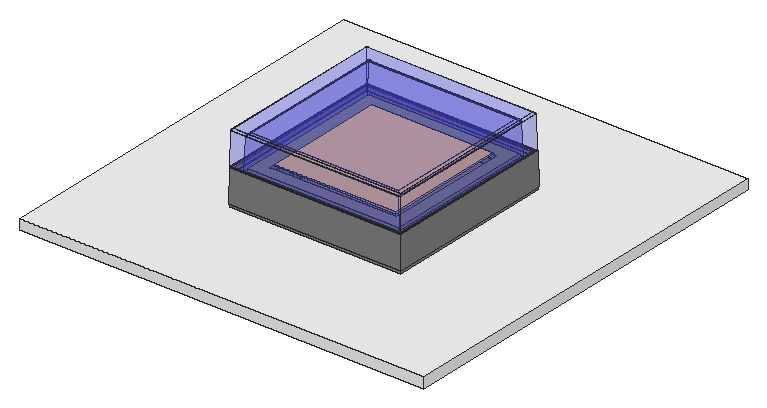
Revit family "BE_33601_de_DE", category Leuchten, Revit 2015
Parameters (values of type "BEGA_33601_Grafit_K3")
  built-in parameter 1150104 = 11.417 (stored number, unit not read)
  Wattage = 8.3 W
  Default Elevation = 0 mm
  built-in parameter 1150113 = 1 (stored number, unit not read)
  built-in parameter 1114218 = 1 (stored number, unit not read)
  Umgebungstemperatur = "25 °C"
  URL = "http://www.bega.de/produkt/33601"
  Typenkommentare = "© 2015 BEGA. Wir behalten uns das Recht vor, technische Änderungen ohne vorherige Ankündigung vorzunehmen."  # constant formula
  Type Image = 33601.png
  built-in parameter 1150134 = (empty or 0)
  built-in parameter 1150109 = 1 (stored number, unit not read)
  Strom = ""
  built-in parameter 1150110 = 1 (stored number, unit not read)
  Spannung = 0 V
  Sonderanfertigung = no
  Seriennummer [instance] = "Hier können Sie die eindeutige Seriennummer für das Facility Management eintragen."
  Schutzklasse = "I"
  Schutzart = "IP 65"
  Scheinlast = 0 VA
  Produktdatenblatt = "http://www.bega.de/download/datenblaetter/de/33601.pdf"
  Neigungswinkel = 0.00°
  Modell = "33601"
  Material_19 = BEGA_Dummy_matt
  Material_15 = BEGA_Leuchtmedium_matt
  Material_11 = BEGA_Glas_opal
  Material_02 = BEGA_Oberfläche_Silber_matt
  Material_01 [instance] = BEGA_Oberfläche_Grafit_matt
  M_G = yes
  M_A = no
  Logo = 0
  built-in parameter 1114217 = 1 (stored number, unit not read)
  built-in parameter 1150139 = (empty or 0)
  built-in parameter 1150105 = 81.168 (stored number, unit not read)
  built-in parameter 1150114 = 1 (stored number, unit not read)
  Lumens = 1019.99 lm
  built-in parameter 1150115 = 1 (stored number, unit not read)
  Leuchtenlichtstrom = "492 lm"
  Leuchtenanzahl = ""
  Lebensdauerkriterien = "L70 = 50.000 h"
  Lastklassifizierung = Beleuchtung
  built-in parameter 1150112 = 1 (stored number, unit not read)
  Lampenlichtstrom = "1020 lm"
  Lampe = "LED 8.3 W"
  LED_Modulbezeichnung = "LED-0357/830 "
  built-in parameter 1150142 = (empty or 0)
  Hersteller = "BEGA"  # constant formula
  Halbstreuwinkel = ""
  Gewicht = "1.85 kg"
  Frequenz = "0/50-60 Hz"
  Farbwiedergabeindex = "Ra > 80"
  Farbtemperaturverschiebung bei Dämpfen der Lampe = <Keine Auswahl>
  Farbtemperatur = "3000 K"
  Color Filter = 16777215
  built-in parameter 1150133 = 10 (stored number, unit not read)
  Energieeffizienzklasse = "LED A++ - A"
  built-in parameter 1150137 = (empty or 0)
  built-in parameter 1150132 = (empty or 0)
  Datei für fotometrisches Netz = "BE_33601.IES"
  CE_Konformität = "ja"
  Bestellnummer = "33601"
  Beschreibung_Sonderanfertigung = "Hier können Sie Informationen zur Sonderanfertigung eintragen."
  Beschreibung = "Wandleuchte"
  built-in parameter 1150106 = 0.81168 (stored number, unit not read)
  Befestigungsbohrung = "Ø 6 mm"
  Befestigungsabstand = "140 mm"
  BEGA_Intern_aus = yes
  BEGA_Intern_an = yes
  BEGA_Intern_Konstruktion = yes
  BEGA_Intern = yes
  BEGA_IES = yes
  BEGA_Dummy = no
  Anschlussleistung [instance] = "10.4 W"
  Anschlusskasten = ""
  built-in parameter 1150107 = 3000 (stored number, unit not read)
  built-in parameter 1150102 = (empty or 0)
  built-in parameter 1150138 = (empty or 0)
  Aktualisierung = "2015-10-27T04:08:49"
  AC/DC = "AC/DC"
Types (5, lengths in mm): name | built-in parameter 1150104 | built-in parameter 1150134 | Modell | M_G | M_A | built-in parameter 1150105 | Lumens | Lampenlichtstrom | LED_Modulbezeichnung | Farbtemperatur | Datei für fotometrisches Netz | Bestellnummer | built-in parameter 1150106 | built-in parameter 1150107
  (no name) | 11.417 (stored number, unit not read) | (empty or 0) | "33601" | yes | no | 81.168 (stored number, unit not read) | 1019.99 lm | "1020 lm" | "LED-0357/830 " | "3000 K" | "BE_33601.IES" | "33601" | 0.81168 (stored number, unit not read) | 3000 (stored number, unit not read)
  BEGA_33601_Silber_K4 | 12.089 (stored number, unit not read) | 12 | "33601AK4" | no | yes | 85.943 (stored number, unit not read) | 1080 lm | "1080 lm" | "LED-0357/840 " | "4000 K" | "BE_33601K4.IES" | "33601AK4" | 0.85943 (stored number, unit not read) | 4000 (stored number, unit not read)
  BEGA_33601_Grafit_K3 | 11.417 (stored number, unit not read) | (empty or 0) | "33601" | yes | no | 81.168 (stored number, unit not read) | 1019.99 lm | "1020 lm" | "LED-0357/830 " | "3000 K" | "BE_33601.IES" | "33601" | 0.81168 (stored number, unit not read) | 3000 (stored number, unit not read)
  BEGA_33601_Silber_K3 | 11.417 (stored number, unit not read) | (empty or 0) | "33601A" | no | yes | 81.168 (stored number, unit not read) | 1019.99 lm | "1020 lm" | "LED-0357/830 " | "3000 K" | "BE_33601.IES" | "33601A" | 0.81168 (stored number, unit not read) | 3000 (stored number, unit not read)
  BEGA_33601_Grafit_K4 | 12.089 (stored number, unit not read) | 12 | "33601K4" | yes | no | 85.943 (stored number, unit not read) | 1080 lm | "1080 lm" | "LED-0357/840 " | "4000 K" | "BE_33601K4.IES" | "33601K4" | 0.85943 (stored number, unit not read) | 4000 (stored number, unit not read)
Reference planes
  plane 1 "Mitte (Vorne/Hinten)": y = 0
  plane 2: z = 0
  plane 3 "Mitte (Links/Rechts)": x = 0
  plane 4 "Links": x = -85
  plane 5 "Rechts": x = 85
  plane 6 "Unten": y = -85
  plane 7 "Oben": y = 84.951
  plane 8 "Vorne": z = 69.341
Forms (mm)
  Extrusion 1, solid, material "BEGA_Platte_Weiss"
    sketch origin (0, -1119.2, 0) x (1, 0, 0) y (0, 1, 0)
      loop
        line (-200, 1319.2) -> (-200, 919.2) -> (200, 919.2) -> (200, 1319.2) -> (-200, 1319.2)
    from 0 to -10
  Extrusion 2, solid, material "BEGA_Dummy_matt", visible <- "BEGA_Dummy"
    sketch origin (80.095, -76.023, 0) x (1, 0, 0) y (0, 1, 0)
      loop
        line (-165.095, 160.974) -> (-165.095, -8.977) -> (4.905, -8.977) -> (4.905, 160.974) -> (-165.095, 160.974)
    from 0 to 69.341
Dimensions and locks
  aligned and locked: Extrusion 1 to plane 2
  aligned and locked: level to Extrusion 1
Nested families
  nested 1: "BE_33601_Wandleuchte" at (0, 0, 0), type "BE_33601_Wandleuchte"
    with Neigungswinkel_um_Y2 0.00°, Neigungswinkel_um_Y1 0.00°, Neigungswinkel_um_X2 0.00°, Neigungswinkel_um_X1 0.00°, Drehwinkel_um_Z2 0.00°, Drehwinkel_um_Z1 0.00°, BEGA_Neigng_Y2 0.00°, BEGA_Neigng_Y1 0.00°, BEGA_Neigng_X2 0.00°, BEGA_Neigng_X1 0.00°, BEGA_Infotext_Winkel no
Connectors
  electrical at (0, 0, 0), driven by "Lastklassifizierung", driven by "Spannung", driven by "Scheinlast"
    settings: index 1, voltage 0 V, apparent load 0 VA, apparent load phase1 0 VA, apparent load phase2 0 VA, apparent load phase3 0 VA, power factor 1, load classification "Beleuchtung", number of poles 1, system type 31, power factor state 1, is connector primary yes, connector utility no, sub classification motor no, connector description ""
Definition of nested family "BE_33601_Wandleuchte"
  Parameters (values of type "BE_33601_Wandleuchte")
    Default Elevation = 1 mm
    URL = "http://www.bega.de/de/produkt"
    Type Comments = "© 2015 BEGA. Wir behalten uns das Recht vor, technische Änderungen ohne vorherige Ankündigung vorzunehmen. "  # constant formula
    Type Image = Bega_Revit_Typenbild_78x78.png
    Neigungswinkel_um_Y2 [instance] = 0.00°
    Neigungswinkel_um_Y1 [instance] = 0.00°
    Neigungswinkel_um_X2 [instance] = 0.00°
    Neigungswinkel_um_X1 [instance] = 0.00°
    Material_19 = none
    Material_15 = none
    Material_11 = none
    Material_02 = none
    Material_01 = none
    M_G = yes
    M_A = yes
    Länge_Platte = 200 mm  # constant formula
    Höhe_Platte = -10 mm  # constant formula
    Manufacturer = "BEGA"  # constant formula
    Drehwinkel_um_Z2 [instance] = 0.00°
    Drehwinkel_um_Z1 [instance] = 0.00°
    Breite_Platte = 200 mm  # constant formula
    BEGA_Neigng_Y2 [instance] = if(Neigungswinkel_um_Y2 < -30.00°, -30.00°, if(Neigungswinkel_um_Y2 > 30.00°, 30.00°, Neigungswinkel_um_Y2))  # 0.00°
    BEGA_Neigng_Y1 [instance] = if(Neigungswinkel_um_X2 < -30.00°, -30.00°, if(Neigungswinkel_um_X2 > 30.00°, 30.00°, Neigungswinkel_um_X2))  # 0.00°
    BEGA_Neigng_X2 [instance] = if(Neigungswinkel_um_Y1 < -30.00°, -30.00°, if(Neigungswinkel_um_Y1 > 30.00°, 30.00°, Neigungswinkel_um_Y1))  # 0.00°
    BEGA_Neigng_X1 [instance] = if(Neigungswinkel_um_X1 < -30.00°, -30.00°, if(Neigungswinkel_um_X1 > 30.00°, 30.00°, Neigungswinkel_um_X1))  # 0.00°
    BEGA_Infotext_Winkel [instance] = if(or(Neigungswinkel_um_X1 < -30.00°, Neigungswinkel_um_X1 > 30.00°, Neigungswinkel_um_X2 < -30.00°, Neigungswinkel_um_X2 > 30.00°, Neigungswinkel_um_Y1 < -30.00°, Neigungswinkel_um_Y1 > 30.00°, Neigungswinkel_um_Y2 < -30.00°, Neigungswinkel_um_Y2 > 30.00°), 1 < 2, 1 > 2)  # no
    Aktualisierung = "Stand: 25.03.2015"  # constant formula
  Reference planes
    plane 1 "Mitte (Oben/Unten)": y = 0
    plane 2: z = 0
    plane 3 "Mitte (Links/Rechts)": x = 0
    plane 4 "Vorne": z = 69.341
    plane 5 "Hinten": z = 0
    plane 6 "Links": x = -85
    plane 7 "Rechts": x = 85
    plane 8 "Unten": y = -84.951
    plane 9: y = 84.951
  Forms (mm)
    Extrusion 1, solid, detail levels medium
      sketch origin (0, 0, 0) x (1, 0, 0) y (0, 1, 0)
        loop
          line (-100, 100) -> (-100, -100) -> (100, -100) -> (100, 100) -> (-100, 100)
      from 0 to -10 <- "Höhe_Platte"
    Sweep 2, solid, material <- "Material_01", visible <- "M_G", detail levels medium+fine
      path origin (0, 0, 0) x (1, 0, 0) y (0, 1, 0)
        loop
          line (85, 84.994) -> (-85, 84.994) -> (-85, -84.951) -> (85, -84.951) -> (85, 84.994)
      profile origin (0, 84.994, 0) x (0, -1, 0) y (0, 0, 1)
        loop
          line (8.291, 11) -> (7.994, 19.505) -> (4.494, 19.498) -> (3.918, 3) -> (0.599, 3) -> (0.494, 0) -> (8.395, 0) -> (8.395, 8) -> (10.191, 8) -> (10.191, 11) -> (8.291, 11)
    Extrusion 3, solid, material <- "Material_01", visible <- "M_G", detail levels medium+fine
      sketch origin (0, 0, 0) x (0, 1, 0) y (0, 0, 1)
        loop
          line (74.803, 11) -> (-74.76, 11) -> (-74.76, 8) -> (74.803, 8) -> (74.803, 11)
      from -74.728 to 74.81
    Sweep 4, solid, material <- "Material_01", visible <- "M_G", detail levels medium+fine
      path origin (0, 0, 0) x (1, 0, 0) y (0, 1, 0)
        loop
          line (85, 84.994) -> (-85, 84.994) -> (-85, -84.951) -> (85, -84.951) -> (85, 84.994)
      profile origin (0, 84.994, 0) x (0, -1, 0) y (0, 0, 1)
        loop
          line (0, 3.2) -> (2, 3.2) -> (2.838, 27.2) -> (5.538, 27.2) -> (5.538, 23.2) -> (11.991, 23.2) -> (12.13, 27.2) -> (21.335, 27.2)
          arc (21.335, 27.2) -> (22.03, 27.48) -> (22.335, 28.164) r 1
          line (22.335, 28.164) -> (22.5, 32.9) -> (10.491, 32.9) -> (10.053, 30.415) -> (2.55, 30.383) -> (2.4, 34.7) -> (0.55, 34.7) -> (0, 3.2)
    Extrusion 5, solid, material <- "Material_15", detail levels medium+fine
      sketch origin (0, 0, 0) x (0, 1, 0) y (0, 0, 1)
        loop
          line (-60, 35.65) -> (-60, 34.1) -> (60, 34.1) -> (60, 35.65) -> (-60, 35.65)
      from -60 to 60
    Sweep 6, solid, material <- "Material_11", detail levels medium+fine
      path origin (0, 0, 0) x (1, 0, 0) y (0, 1, 0)
        loop
          line (-85, 84.994) -> (-85, -84.951) -> (85, -84.951) -> (85, 84.994) -> (-85, 84.994)
      profile origin (0, 84.994, 0) x (0, 1, 0) y (0, 0, 1)
        loop
          line (-0.553, 35.309) -> (-1.121, 67.874)
          arc (-1.121, 67.874) -> (-1.561, 68.903) -> (-2.591, 69.341) r 1.5
          line (-2.591, 69.341) -> (-25.263, 69.341) -> (-25.263, 64.387) -> (-12.056, 64.387)
          arc (-12.056, 64.387) -> (-10.011, 63.52) -> (-9.122, 61.484) r 3
          line (-9.122, 61.484) -> (-8.044, 30.6) -> (-2.944, 30.6) -> (-2.797, 34.8) -> (-1.053, 34.8)
          arc (-1.053, 34.8) -> (-0.696, 34.95) -> (-0.553, 35.309) r 0.5
    Extrusion 7, solid, material <- "Material_11", detail levels medium+fine
      sketch origin (0, 0, 0) x (0, 1, 0) y (0, 0, 1)
        loop
          line (59.731, 69.341) -> (-59.688, 69.341) -> (-59.688, 64.387) -> (59.731, 64.387) -> (59.731, 69.341)
      from -59.737 to 59.737
    Extrusion 8, void
      sketch origin (0, 0, 0) x (1, 0, 0) y (0, 1, 0)
        loop
          circle (-62.5, -36.5) r 8.5
        loop
          circle (-62.5, -61.5) r 8.5
      from 0 to 19.707
    Extrusion 9, void
      sketch origin (0, 0, 0) x (1, 0, 0) y (0, 1, 0)
        loop
          circle (-68, 0) r 3
        loop
          circle (68, 0) r 3
      from 0 to 23.2
    Sweep 10, solid, material <- "Material_02", visible <- "M_A", detail levels medium+fine
      path origin (0, 0, 0) x (1, 0, 0) y (0, 1, 0)
        loop
          line (85, 84.994) -> (-85, 84.994) -> (-85, -84.951) -> (85, -84.951) -> (85, 84.994)
      profile origin (0, 84.994, 0) x (0, -1, 0) y (0, 0, 1)
        loop
          line (0, 3.2) -> (2, 3.2) -> (2.838, 27.2) -> (5.538, 27.2) -> (5.538, 23.2) -> (11.991, 23.2) -> (12.13, 27.2) -> (21.335, 27.2)
          arc (21.335, 27.2) -> (22.03, 27.48) -> (22.335, 28.164) r 1
          line (22.335, 28.164) -> (22.5, 32.9) -> (10.491, 32.9) -> (10.053, 30.415) -> (2.55, 30.383) -> (2.4, 34.7) -> (0.55, 34.7) -> (0, 3.2)
    Sweep 11, solid, material <- "Material_02", visible <- "M_A", detail levels medium+fine
      path origin (0, 0, 0) x (1, 0, 0) y (0, 1, 0)
        loop
          line (85, 84.994) -> (-85, 84.994) -> (-85, -84.951) -> (85, -84.951) -> (85, 84.994)
      profile origin (0, 84.994, 0) x (0, -1, 0) y (0, 0, 1)
        loop
          line (8.291, 11) -> (7.994, 19.505) -> (4.494, 19.498) -> (3.918, 3) -> (0.599, 3) -> (0.494, 0) -> (8.395, 0) -> (8.395, 8) -> (10.191, 8) -> (10.191, 11) -> (8.291, 11)
    Extrusion 12, solid, material <- "Material_02", visible <- "M_A", detail levels medium+fine
      sketch origin (0, 0, 0) x (0, 1, 0) y (0, 0, 1)
        loop
          line (74.803, 11) -> (-74.76, 11) -> (-74.76, 8) -> (74.803, 8) -> (74.803, 11)
      from -74.728 to 74.81
    Extrusion 13, void
      sketch origin (0, 0, 0) x (1, 0, 0) y (0, 1, 0)
        loop
          circle (-62.5, -36.5) r 8.5
        loop
          circle (-62.5, -61.5) r 8.5
      from 0 to 19.707
    Extrusion 14, void
      sketch origin (0, 0, 0) x (1, 0, 0) y (0, 1, 0)
        loop
          circle (-68, 0) r 3
        loop
          circle (68, 0) r 3
      from 0 to 23.2
  Cuts and joins
    Extrusion 8, Extrusion 9, Extrusion 13, Extrusion 14 cuts Sweep 2
    Extrusion 8, Extrusion 9, Extrusion 13, Extrusion 14 cuts Extrusion 3
    joined: Sweep 2, Extrusion 3
    Extrusion 8, Extrusion 9 cuts Sweep 6
    Extrusion 8, Extrusion 9 cuts Extrusion 7
    joined: Sweep 6, Extrusion 7
    Extrusion 8, Extrusion 9 cuts Sweep 4
    Extrusion 8 cuts Extrusion 5
    Extrusion 13, Extrusion 14 cuts Extrusion 12
    joined: Sweep 11, Extrusion 12
  Dimensions and locks
    equal spacing: Extrusion 1 sketch curve, plane 3 "Mitte (Links/Rechts)", Extrusion 1 sketch curve
    equal spacing: Extrusion 1 sketch curve, plane 1 "Mitte (Oben/Unten)", Extrusion 1 sketch curve
    "Länge_Platte": Extrusion 1 sketch curve to Extrusion 1 sketch curve
    "Breite_Platte": Extrusion 1 sketch curve to Extrusion 1 sketch curve
    plane 1 "Mitte (Oben/Unten)" to Extrusion 1 = 100 mm  (x3)
    aligned and locked: Extrusion 1 to plane 2
    aligned and locked: Extrusion 1 to level
  Automatic sketch dimensions
    Sweep 2 sketch curve to plane 3 "Mitte (Links/Rechts)" = 85 mm
    Sweep 2 sketch curve to plane 1 "Mitte (Oben/Unten)" = 84.994 mm
    plane 3 "Mitte (Links/Rechts)" to Sweep 2 sketch curve = 85 mm
    plane 1 "Mitte (Oben/Unten)" to Sweep 2 sketch curve = 84.951 mm
    Sweep 2 sketch curve to level = 0 mm
    Sweep 2 sketch curve to profile plane = 0.494 mm
    Sweep 2 sketch curve to profile plane = 0.599 mm
    Sweep 2 sketch curve to Sweep 2 sketch curve = 3.319 mm
    Sweep 2 sketch curve to profile plane = 4.494 mm
    Sweep 2 sketch curve to Sweep 2 sketch curve = 3.5 mm
    Sweep 2 sketch curve to profile plane = 8.291 mm
    Sweep 2 sketch curve to Sweep 2 sketch curve = 0.105 mm
    level to Sweep 2 sketch curve = 3 mm
    Sweep 2 sketch curve to Sweep 2 sketch curve = 5 mm
    Sweep 2 sketch curve to Sweep 2 sketch curve = 3 mm
    Sweep 2 sketch curve to Sweep 2 sketch curve = 8.498 mm
    Sweep 2 sketch curve to Sweep 2 sketch curve = 0.006 mm
    Sweep 2 sketch curve to Sweep 2 sketch curve = 1.9 mm
    plane 1 "Mitte (Oben/Unten)" to Extrusion 3 sketch curve = 74.76 mm
    level to Extrusion 3 sketch curve = 8 mm
    Extrusion 3 sketch curve to plane 1 "Mitte (Oben/Unten)" = 74.803 mm
    Extrusion 3 sketch curve to Extrusion 3 sketch curve = 3 mm
    Sweep 4 sketch curve to plane 3 "Mitte (Links/Rechts)" = 85 mm
    Sweep 4 sketch curve to plane 1 "Mitte (Oben/Unten)" = 84.994 mm
    plane 3 "Mitte (Links/Rechts)" to Sweep 4 sketch curve = 85 mm
    plane 1 "Mitte (Oben/Unten)" to Sweep 4 sketch curve = 84.951 mm
    Sweep 4 sketch curve to profile plane = 0 mm
    Sweep 4 sketch curve to profile plane = 0.55 mm
    Sweep 4 sketch curve to profile plane = 2 mm
    Sweep 4 sketch curve to Sweep 4 sketch curve = 1.85 mm
    Sweep 4 sketch curve to profile plane = 2.55 mm
    Sweep 4 sketch curve to Sweep 4 sketch curve = 7.502 mm
    Sweep 4 sketch curve to Sweep 4 sketch curve = 0.438 mm
    Sweep 4 sketch curve to Sweep 4 sketch curve = 0.999 mm
    Sweep 4 sketch curve to Sweep 4 sketch curve = 0.165 mm
    level to Sweep 4 sketch curve = 3.2 mm
    Sweep 4 sketch curve to Sweep 4 sketch curve = 0.964 mm
    Sweep 4 sketch curve to Sweep 4 sketch curve = 3.183 mm
    Sweep 4 sketch curve to Sweep 4 sketch curve = 0.033 mm
    Sweep 4 sketch curve to Sweep 4 sketch curve = 2.485 mm
    Sweep 4 sketch curve to Sweep 4 sketch curve = 4.317 mm
    Sweep 4 sketch curve to profile plane = 2.838 mm
    Sweep 4 sketch curve to Sweep 4 sketch curve = 2.7 mm
    Sweep 4 sketch curve to Sweep 4 sketch curve = 6.453 mm
    Sweep 4 sketch curve to Sweep 4 sketch curve = 0.14 mm
    Sweep 4 sketch curve to Sweep 4 sketch curve = 9.205 mm
    Sweep 4 sketch curve to Sweep 4 sketch curve = 20 mm
    Sweep 4 sketch curve to Sweep 4 sketch curve = 4 mm  (x2)
    Extrusion 5 sketch curve to plane 1 "Mitte (Oben/Unten)" = 60 mm
    level to Extrusion 5 sketch curve = 35.65 mm
    plane 1 "Mitte (Oben/Unten)" to Extrusion 5 sketch curve = 60 mm
    Extrusion 5 sketch curve to Extrusion 5 sketch curve = 1.55 mm
    Sweep 6 sketch curve to plane 3 "Mitte (Links/Rechts)" = 85 mm
    Sweep 6 sketch curve to plane 1 "Mitte (Oben/Unten)" = 84.994 mm
    plane 1 "Mitte (Oben/Unten)" to Sweep 6 sketch curve = 84.951 mm
    plane 3 "Mitte (Links/Rechts)" to Sweep 6 sketch curve = 85 mm
    profile plane to Sweep 6 sketch curve = 12.121 mm
    Sweep 6 sketch curve to Sweep 6 sketch curve = 0.065 mm
    Sweep 6 sketch curve to Sweep 6 sketch curve = 2.998 mm
    profile plane to Sweep 6 sketch curve = 2.621 mm
    Sweep 6 sketch curve to Sweep 6 sketch curve = 0.03 mm
    profile plane to Sweep 6 sketch curve = 1.121 mm
    profile plane to Sweep 6 sketch curve = 1.053 mm
    level to Sweep 6 sketch curve = 34.8 mm
    Sweep 6 sketch curve to Sweep 6 sketch curve = 0.5 mm  (x2)
    Sweep 6 sketch curve to Sweep 6 sketch curve = 26.088 mm
    Sweep 6 sketch curve to Sweep 6 sketch curve = 0.096 mm
    Sweep 6 sketch curve to Sweep 6 sketch curve = 0.033 mm
    Sweep 6 sketch curve to Sweep 6 sketch curve = 13.206 mm
    Sweep 6 sketch curve to Sweep 6 sketch curve = 6.991 mm
    profile plane to Sweep 6 sketch curve = 2.944 mm
    Sweep 6 sketch curve to Sweep 6 sketch curve = 1.745 mm
    Sweep 6 sketch curve to Sweep 6 sketch curve = 0 mm  (x2)
    Sweep 6 sketch curve to Sweep 6 sketch curve = 4.2 mm
    Sweep 6 sketch curve to Sweep 6 sketch curve = 4.954 mm
    plane 1 "Mitte (Oben/Unten)" to Extrusion 7 sketch curve = 59.688 mm
    level to Extrusion 7 sketch curve = 64.387 mm
    Extrusion 7 sketch curve to plane 1 "Mitte (Oben/Unten)" = 59.731 mm
    Extrusion 7 sketch curve to Extrusion 7 sketch curve = 4.954 mm
    Extrusion 8 sketch curve to plane 3 "Mitte (Links/Rechts)" = 62.5 mm
    Extrusion 8 sketch curve to Extrusion 8 sketch curve = 0 mm
    plane 1 "Mitte (Oben/Unten)" to Extrusion 8 sketch curve = 61.5 mm
    Extrusion 8 sketch curve to Extrusion 8 sketch curve = 25 mm
    Sweep 10 sketch curve to plane 6 "Links" = 0 mm
    Sweep 10 sketch curve to plane 7 "Rechts" = 0 mm
    Sweep 10 sketch curve to plane 8 "Unten" = 0 mm
    Sweep 10 sketch curve to plane 9 = 0.043 mm
    Sweep 10 sketch curve to profile plane = 0 mm
    Sweep 10 sketch curve to profile plane = 0.55 mm
    Sweep 10 sketch curve to profile plane = 2 mm
    Sweep 10 sketch curve to Sweep 10 sketch curve = 1.85 mm
    Sweep 10 sketch curve to profile plane = 2.55 mm
    Sweep 10 sketch curve to profile plane = 2.838 mm
    Sweep 10 sketch curve to Sweep 10 sketch curve = 2.7 mm
    Sweep 10 sketch curve to Sweep 10 sketch curve = 4.514 mm
    Sweep 10 sketch curve to Sweep 10 sketch curve = 0.438 mm
    Sweep 10 sketch curve to Sweep 10 sketch curve = 6.453 mm
    Sweep 10 sketch curve to Sweep 10 sketch curve = 2.078 mm
    Sweep 10 sketch curve to Sweep 10 sketch curve = 9.205 mm
    Sweep 10 sketch curve to Sweep 10 sketch curve = 0.999 mm
    Sweep 10 sketch curve to Sweep 10 sketch curve = 0.165 mm
    level to Sweep 10 sketch curve = 3.2 mm
    Sweep 10 sketch curve to Sweep 10 sketch curve = 20 mm
    Sweep 10 sketch curve to Sweep 10 sketch curve = 4 mm  (x2)
    Sweep 10 sketch curve to Sweep 10 sketch curve = 0.964 mm
    Sweep 10 sketch curve to Sweep 10 sketch curve = 3.183 mm
    Sweep 10 sketch curve to Sweep 10 sketch curve = 3.215 mm
    Sweep 10 sketch curve to Sweep 10 sketch curve = 2.485 mm
    Sweep 10 sketch curve to Sweep 10 sketch curve = 4.317 mm
    Sweep 11 sketch curve to plane 6 "Links" = 0 mm
    Sweep 11 sketch curve to plane 7 "Rechts" = 0 mm
    Sweep 11 sketch curve to plane 8 "Unten" = 0 mm
    Sweep 11 sketch curve to plane 9 = 0.043 mm
    Sweep 11 sketch curve to level = 0 mm
    Sweep 11 sketch curve to profile plane = 0.494 mm
    Sweep 11 sketch curve to profile plane = 0.599 mm
    Sweep 11 sketch curve to Sweep 11 sketch curve = 3.319 mm
    Sweep 11 sketch curve to profile plane = 4.494 mm
    Sweep 11 sketch curve to Sweep 11 sketch curve = 3.5 mm
    Sweep 11 sketch curve to profile plane = 8.291 mm
    Sweep 11 sketch curve to Sweep 11 sketch curve = 0.105 mm
    Sweep 11 sketch curve to Sweep 11 sketch curve = 1.9 mm
    level to Sweep 11 sketch curve = 3 mm
    Sweep 11 sketch curve to Sweep 11 sketch curve = 5 mm
    Sweep 11 sketch curve to Sweep 11 sketch curve = 3 mm
    Sweep 11 sketch curve to Sweep 11 sketch curve = 8.498 mm
    Sweep 11 sketch curve to Sweep 11 sketch curve = 0.006 mm
    plane 8 "Unten" to Extrusion 12 sketch curve = 10.191 mm
    plane 9 to Extrusion 12 sketch curve = 10.148 mm
    level to Extrusion 12 sketch curve = 8 mm
    Extrusion 12 sketch curve to Extrusion 12 sketch curve = 3 mm
    plane 6 "Links" to Extrusion 13 sketch curve = 22.5 mm  (x2)
    plane 8 "Unten" to Extrusion 13 sketch curve = 23.451 mm
    Extrusion 13 sketch curve to Extrusion 13 sketch curve = 25 mm
    plane 1 "Mitte (Oben/Unten)" to Extrusion 14 sketch curve = 0 mm  (x2)
    plane 6 "Links" to Extrusion 14 sketch curve = 17 mm
    Extrusion 14 sketch curve to plane 7 "Rechts" = 17 mm
    radius of Extrusion 8 sketch curve = 8.5 mm  (x2)
    radius of Extrusion 13 sketch curve = 8.5 mm  (x2)
    radius of Extrusion 14 sketch curve = 3 mm  (x2)
